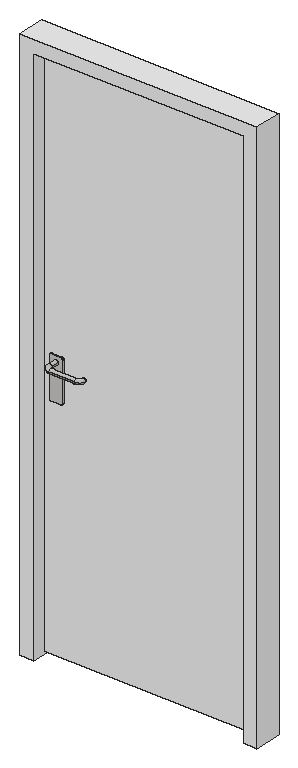
Revit family "Single Flush", category Doors, host Wall, Revit 2015
Parameters (values of type "9x21M")
  Wall Thickness [instance] = 150 mm
  URL = ""
  Thickness = 50 mm
  Module Width = Rough Width / 100 mm  # 9
  Module Height = Rough Height / 100 mm  # 21
  Gap Side [instance] = 10 mm
  Gap Top [instance] = 20 mm
  Threshold [instance] = no
  Rough Width = 890 mm
  Rough Height = 2090 mm
  Model = ""
  Material Threshold = Wood
  Material Panel = none
  Material Frame = none
  Offset [instance] = 0 mm
  Height [instance] = Rough Height + Gap Top  # 2110 mm
  Wall Closure = By host
  Width [instance] = Rough Width + Gap Side * 2  # 910 mm
  Function = Interior
  Frame Width = 50 mm
  Frame Depth = 100 mm
  Fire Rating = "-"
  Door Handle [instance] = Stainless Steel : Stainless Steel
  Construction Type = ""
  Assembly Code = ""
Reference planes
  plane 1: y = -10
  plane 2 "Center (Left/Right)": x = 0
  plane 3 "Left": x = -445
  plane 4 "Right": x = 445
  plane 5: z = 2090
  plane 6 "Exterior": y = 65
  plane 7 "Interior": y = -85
  plane 8: x = -455
  plane 9: x = 455
  plane 10 "Offset": y = 65
  plane 11: z = 2110
  plane 12: z = 1045
  plane 13: x = -345
  plane 14: x = -455
  plane 15: x = 455
  plane 16: y = -35
Forms (mm)
  Sweep 1, solid, material <- "Material Frame"
    path origin (0, 65, 0) x (-1, 0, 0) y (0, 0, 1)
      loop
        line (445, 0) -> (445, 2090) -> (-445, 2090) -> (-445, 0)
    profile origin (445, 65, 1045) x (0, 1, 0) y (-1, 0, 0)
      loop
        line (0, 0) -> (0, 50) -> (-100, 50) -> (-100, 0) -> (0, 0)
  Sweep 2, solid, material "Wood" <- "Material Threshold", visible <- "Threshold"
    path origin (0, 65, 0) x (-1, 0, 0) y (0, 0, 1)
      loop
        line (-395, 0) -> (395, 0)
    profile origin (0, 65, 0) x (0, 0, 1) y (0, 1, 0)
      loop
        line (0, 0) -> (0, -100) -> (10, -100) -> (10, 0) -> (0, 0)
  Extrusion 3, solid, material <- "Material Panel"
    sketch origin (0, 65, 0) x (-1, 0, 0) y (0, 0, 1)
      loop
        line (-395, 10) -> (395, 10) -> (395, 2040) -> (-395, 2040) -> (-395, 10)
    from 0 to -50
Lines and regions (mm)
  Opening 1
    outline origin (-3050, -85, 0) x (1, 0, 0) y (0, 0, 1)
      loop
        line (2595, 0) -> (3505, 0) -> (3505, 2110) -> (2595, 2110) -> (2595, 0)
  symbolic lines, style "DoorsFrameMullionProjection", detail levels medium
    curve 1: line (-455, 65, 0) -> (-395, 65, 0)
    curve 6: line (455, 65, 0) -> (395, 65, 0)
    curve 8: line (395, -35, 0) -> (455, -35, 0)
    curve 16: line (-395, -35, 0) -> (-455, -35, 0)
  symbolic lines, style "DoorsFrameMullionProjection", detail levels medium+fine
    curve 2: line (-395, 65, 0) -> (-395, -35, 0)
    curve 7: line (395, 65, 0) -> (395, -35, 0)
  symbolic lines, style "DoorsFrameMullionProjection", detail levels fine
    curve 3: line (-395, 65, 0) -> (-445, 65, 0)
    curve 4: line (-445, 65, 0) -> (-445, -35, 0)
    curve 5: line (-445, -35, 0) -> (-395, -35, 0)
    curve 9: line (395, 65, 0) -> (445, 65, 0)
    curve 10: line (445, 65, 0) -> (445, -35, 0)
    curve 11: line (445, -35, 0) -> (395, -35, 0)
  symbolic lines, style "DoorsFrameMullionProjection", visible <- "Threshold", detail levels medium+fine
    curve 12: line (-395, -35, 0) -> (395, -35, 0)
    curve 13: line (-395, 65, 0) -> (395, 65, 0)
  symbolic lines, style "Plan Swing", detail levels medium+fine
    curve 14: line (395, 65, 0) -> (395, 855, 0)
    curve 15: arc (-395, 65, 0) -> (-163.614, 623.614, 0) -> (395, 855, 0) r 790
  symbolic lines, style "Plan Swing", detail levels coarse
    curve 17: arc (-455, 65, 0) -> (-188.467, 708.467, 0) -> (455, 975, 0) r 910
    curve 18: line (455, 975, 0) -> (455, 65, 0)
  symbolic lines, style "Elevation Swing"
    curve 19: line (445, 65, 2090) -> (-445, 65, 1045)
    curve 20: line (-445, 65, 1045) -> (445, 65, 0)
Text (mm)
  text "Exterior" at (-2295.016, 1099.543, 0), in view "Ref. Level"
  text "Exterior" at (0, 1615.38, 3698.081), in view "Left"
  text "Exterior" at (0, 1036.032, 3874.932), in view "Right"
Dimensions and locks
  equal spacing: plane 3 "Left", plane 2 "Center (Left/Right)", plane 4 "Right"
  "Rough Width": plane 3 "Left" to plane 4 "Right"
  "Rough Height": plane 5 to host wall
  locked: plane 6 "Exterior" to host wall at 0
  locked: plane 7 "Interior" to host wall
  "Gap Side": plane 4 "Right" to plane 9
  "Gap Side": plane 8 to plane 3 "Left"
  "Gap Top": plane 5 to plane 11
  "Offset": plane 6 "Exterior" to plane 10 "Offset"
  locked: Sweep 2 sketch curve to Sweep 2 sketch curve at 10
  equal spacing: level, plane 12, plane 5
  locked: plane 13 to plane 3 "Left" at 100
  "Frame Width": Sweep 1 sketch curve to plane 4 "Right"
  "Frame Depth": plane 10 "Offset" to plane 16
  "Wall Thickness": host wall to host wall
  "Thickness": plane 10 "Offset" to Extrusion 3
  aligned and locked: Opening 1 sketch curve to level
  aligned and locked: plane 1 to host wall
  aligned and locked: Opening 1 sketch curve to plane 9
  aligned and locked: plane 11 to Opening 1 sketch curve
  aligned and locked: Opening 1 sketch curve to plane 8
  aligned and locked: Sweep 2 sketch curve to Sweep 1
  aligned and locked: profile plane to Sweep 2 sketch curve
  aligned and locked: Sweep 1 sketch curve to plane 10 "Offset"
  aligned and locked: Sweep 1 to Extrusion 3 sketch curve
  aligned and locked: Extrusion 3 sketch curve to Sweep 1  (x2)
  aligned and locked: Extrusion 3 sketch curve to Sweep 2
  aligned and locked: plane 10 "Offset" to Extrusion 3
  aligned and locked: curve 1 to plane 10 "Offset"
  aligned and locked: curve 2 to Sweep 1
  aligned and locked: plane 10 "Offset" to curve 3
  aligned and locked: curve 4 to Sweep 1
  aligned and locked: Sweep 2 to curve 7
  aligned and locked: plane 10 "Offset" to curve 6
  aligned and locked: curve 9 to plane 10 "Offset"
  aligned and locked: plane 4 "Right" to curve 10
  aligned and locked: plane 8 to plane 14
  aligned and locked: plane 9 to plane 15
  aligned and locked: plane 16 to Sweep 1 sketch curve
  aligned and locked: Sweep 2 sketch curve to plane 16
  aligned and locked: Sweep 1 to Sweep 2 sketch curve
  aligned and locked: nested 1 to plane 13
  aligned and locked: plane 13 to nested 2
  aligned and locked: nested 2 to plane 10 "Offset"
  aligned and locked: Extrusion 3 to nested 1
Automatic sketch dimensions
  Sweep 1 sketch curve to level = 0 mm  (x2)
  plane 4 "Right" to Sweep 1 sketch curve = 0 mm
  plane 3 "Left" to Sweep 1 sketch curve = 0 mm
  Sweep 1 sketch curve to plane 5 = 0 mm
  Sweep 1 sketch curve to profile plane = 0 mm
  Sweep 2 sketch curve to level = 0 mm
  profile plane to Sweep 2 sketch curve = 0 mm
  curve 1 to plane 8 = 0 mm
  curve 16 to plane 8 = 0 mm
  curve 5 to plane 16 = 0 mm
  curve 17 to plane 9 = 0 mm
  curve 8 to plane 9 = 0 mm
  curve 3 to curve 3 = 50 mm
  curve 20 to level = 0 mm
  plane 4 "Right" to curve 20 = 0 mm
  plane 4 "Right" to curve 19 = 0 mm
  plane 3 "Left" to curve 20 = 0 mm
  curve 20 to plane 12 = 0 mm
  curve 19 to plane 5 = 0 mm
Nested families
  nested 1: "Stainless Steel" at (-345, 15, 1000), type <- "Door Handle", type "Stainless Steel"
  nested 2: "Stainless Steel" at (-345, 65, 1000), type <- "Door Handle", type "Stainless Steel"
Definition of nested family "Stainless Steel"
  Parameters
    Assembly Code = ""
  Reference planes
    plane 1 "Center (Front/Back)": y = 0
    plane 2: z = 0
    plane 3 "Center (Left/Right)": x = 0
  Forms (mm)
    Extrusion 1, solid, detail levels medium+fine
      sketch origin (0, 0, 0) x (1, 0, 0) y (0, 0, 1)
        loop
          arc (-18, 22) -> (-22.95, 19.95) -> (-25, 15) r 7
          line (-25, 15) -> (-25, -130.014)
          arc (-25, -130.014) -> (-22.95, -134.963) -> (-18, -137.014) r 7
          line (-18, -137.014) -> (18, -137.014)
          arc (18, -137.014) -> (22.95, -134.963) -> (25, -130.014) r 7
          line (25, -130.014) -> (25, 15)
          arc (25, 15) -> (22.95, 19.95) -> (18, 22) r 7
          line (18, 22) -> (-18, 22)
      from 0 to 5.6
    Sweep 2, solid, detail levels medium+fine
      path origin (0, 0, 0) x (1, 0, 0) y (0, 1, 0)
        loop
          line (0, -5.608) -> (0, -35.608)
          arc (0, -35.608) -> (5.858, -49.75) -> (20, -55.608) r 20
          line (20, -55.608) -> (116.25, -55.608)
          arc (116.25, -55.608) -> (125.973, -51.58) -> (130, -41.858) r 13.75
          line (130, -41.858) -> (130, -38.476)
      profile origin (0, -20.608, 0) x (1, 0, 0) y (0, 0, 1)
        loop
          circle (0, 0) r 7.5
